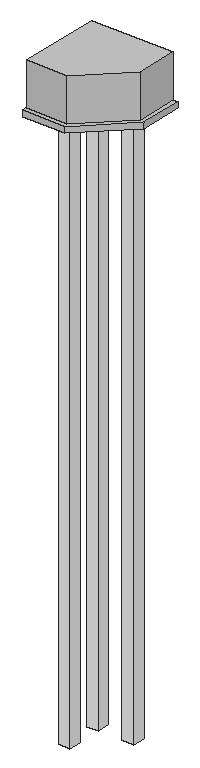
Revit family "BS_FM_Đài Móng - 3 cọc LT Loại 2", category Structural Foundations, Revit 2019
Family settings
  Material for Model Behavior = Concrete
  Cap = No
  OmniClass Number = 23.25.05.11
  OmniClass Title = Foundation Piles
  Work Plane-Based = No
  Always vertical = Yes
  Cut with Voids When Loaded = No
  Shared = No
Parameters (values of type "1000 x 1000 x 900mm")
  h_BaoVe [instance] = 120 mm
  a5_BaoVe [instance] = 100 mm
  a4_BaoVe [instance] = 100 mm
  a3_BaoVe [instance] = 100 mm
  a2_BaoVe [instance] = 0 mm
  a1_BaoVe [instance] = 0 mm
  Y = 600 mm
  X = 600 mm
  Width = X + KhoangCach2TimCoc + Diameter / 2 + KhoangCachMepCoc  # 1725 mm
  Structural Material [instance] = Concrete, Cast-in-Place gray
  Length = Y + KhoangCach2TimCoc + Diameter / 2 + KhoangCachMepCoc  # 1725 mm
  KhoangCachMepCoc = 250 mm
  KhoangCach2TimCoc = HeSoCoc * Diameter  # 750 mm
  HeSoCoc = 3
  Foundation Thickness = 900 mm
  Diameter = 250 mm
  Depth = 12000 mm
  Cut-off = 100 mm  # constant formula
  BS_Cọc Vuông = yes
  BS_Cọc Tròn = no
  BS_BeTongMong = @BS-BeTongCotThep
  BS_BeTongLot = @BS-BeTong
  BS_BeTongCoc = Steel, 45-345
  Assembly Code = "A1010130"
  A = 250 mm
Reference planes
  plane 1: z = 0
  plane 2 "Center (Left/Right)": x = 50
  plane 3: x = -550
  plane 4: x = 1175
  plane 5: y = 750
  plane 6: y = -975
  plane 7: z = -900
  plane 8: z = -800
  plane 9: z = -1020
  plane 10: y = 150
  plane 11: y = -600
  plane 12 "2": x = 800
  plane 13: x = 300
  plane 14: y = -100
Forms (mm)
  Extrusion 1, solid, material "@BS-BeTongCotThep" <- "BS_BeTongMong"
    sketch origin (0, 0, 0) x (1, 0, 0) y (0, 1, 0)
      loop
        line (-550, 750) -> (-550, -975) -> (300, -975) -> (1175, -100) -> (1175, 750) -> (-550, 750)
    from -900 to 0
  Extrusion 2, solid, material "@BS-BeTong" <- "BS_BeTongLot"
    sketch origin (0, 0, 0) x (1, 0, 0) y (0, 1, 0)
      loop
        line (-550, 750) -> (-550, -1075) -> (341.421, -1075) -> (1275, -141.421) -> (1275, 750) -> (-550, 750)
    from -1020 to -900
Lines and regions (mm)
  reference lines
    curve 1: line (300, -975, 0) -> (1175, -100, 0)
Dimensions and locks
  "Width": plane 3 to plane 4
  "Foundation Thickness": plane 1 to plane 7
  "Cut-off": plane 8 to plane 7
  "a3_BaoVe": plane 6 to Extrusion 2 sketch curve
  "a2_BaoVe": Extrusion 2 sketch curve to plane 5
  "a1_BaoVe": Extrusion 2 sketch curve to plane 3
  "a4_BaoVe": Extrusion 1 to Extrusion 2 sketch curve
  "h_BaoVe": plane 9 to plane 7
  "KhoangCach2TimCoc": plane 10 to plane 11
  "Length": plane 5 to plane 6
  "X": plane 3 to plane 2 "Center (Left/Right)"
  "Y": plane 5 to plane 10
  plane 11 to plane 6 = 375 mm
  "KhoangCach2TimCoc": plane 2 "Center (Left/Right)" to plane 12 "2"
  "A": plane 14 to plane 10
  "A": plane 2 "Center (Left/Right)" to plane 13
  "a5_BaoVe": Extrusion 2 sketch curve to curve 1
  aligned and locked: plane 3 to Extrusion 1 sketch curve
  aligned and locked: Extrusion 1 sketch curve to plane 4
  aligned and locked: Extrusion 1 sketch curve to plane 5
  aligned and locked: plane 6 to Extrusion 1 sketch curve
  aligned and locked: level to Extrusion 1
  aligned and locked: Extrusion 1 to plane 7
  aligned and locked: Extrusion 2 to Extrusion 1
  aligned and locked: Extrusion 2 to plane 9
  aligned and locked: nested 1 to plane 10
  aligned and locked: plane 2 "Center (Left/Right)" to nested 1
  aligned and locked: nested 2 to plane 11
  aligned and locked: plane 2 "Center (Left/Right)" to nested 2
  aligned and locked: nested 4 to plane 11
  aligned and locked: nested 3 to plane 10
  aligned and locked: plane 2 "Center (Left/Right)" to nested 3
  aligned and locked: plane 2 "Center (Left/Right)" to nested 4
  aligned and locked: plane 7 to nested 3
  aligned and locked: plane 7 to nested 1
  aligned and locked: plane 7 to nested 4
  aligned and locked: plane 7 to nested 2
  aligned and locked: nested 6 to plane 10
  aligned and locked: plane 12 "2" to nested 6
  aligned and locked: plane 12 "2" to nested 5
  aligned and locked: nested 5 to plane 10
  aligned and locked: plane 7 to nested 6
  aligned and locked: plane 7 to nested 5
Automatic sketch dimensions
  curve 1 to plane 6 = 0 mm
  curve 1 to plane 13 = 0 mm
  curve 1 to plane 4 = 0 mm
  plane 14 to curve 1 = 0 mm
  Extrusion 1 sketch curve to plane 13 = 0 mm
  plane 14 to Extrusion 1 sketch curve = 0 mm
Nested families
  nested 1: "BS_FM_Pile-Cọc Tròn" at (50, 150, -900), Minimum Embedment <- "Cut-off", Diameter <- "Diameter", Depth <- "Depth", Structural Material <- "BS_BeTongCoc", visible <- "BS_Cọc Tròn", type "300mm Diameter"
    with Structural Material Steel, 45-345, Radius 125 mm, Minimum Embedment 100 mm, Diameter 250 mm, Depth 12000 mm
  nested 2: "BS_FM_Pile-Cọc Tròn" at (50, -600, -900), Minimum Embedment <- "Cut-off", Diameter <- "Diameter", Depth <- "Depth", Structural Material <- "BS_BeTongCoc", visible <- "BS_Cọc Tròn", type "300mm Diameter"
    with Structural Material Steel, 45-345, Radius 125 mm, Minimum Embedment 100 mm, Diameter 250 mm, Depth 12000 mm
  nested 3: "BS_FM_Pile-Cọc Vuông" at (50, 150, -900), Minimum Embedment <- "Cut-off", Diameter <- "Diameter", Depth <- "Depth", Structural Material <- "BS_BeTongCoc", visible <- "BS_Cọc Vuông", type "250mm Diameter"
    with Structural Material Steel, 45-345, Radius 125 mm, Minimum Embedment 100 mm, Diameter 250 mm, Depth 12000 mm
  nested 4: "BS_FM_Pile-Cọc Vuông" at (50, -600, -900), Minimum Embedment <- "Cut-off", Diameter <- "Diameter", Depth <- "Depth", Structural Material <- "BS_BeTongCoc", visible <- "BS_Cọc Vuông", type "250mm Diameter"
    with Structural Material Steel, 45-345, Radius 125 mm, Minimum Embedment 100 mm, Diameter 250 mm, Depth 12000 mm
  nested 5: "BS_FM_Pile-Cọc Vuông" at (800, 150, -900), Diameter <- "Diameter", Depth <- "Depth", Minimum Embedment <- "Cut-off", visible <- "BS_Cọc Vuông", Structural Material <- "BS_BeTongCoc", type "250mm Diameter"
    with Structural Material Steel, 45-345, Radius 125 mm, Minimum Embedment 100 mm, Diameter 250 mm, Depth 12000 mm
  nested 6: "BS_FM_Pile-Cọc Tròn" at (800, 150, -900), Diameter <- "Diameter", Depth <- "Depth", Minimum Embedment <- "Cut-off", visible <- "BS_Cọc Tròn", Structural Material <- "BS_BeTongCoc", type "300mm Diameter"
    with Structural Material Steel, 45-345, Radius 125 mm, Minimum Embedment 100 mm, Diameter 250 mm, Depth 12000 mm
Definition of nested family "BS_FM_Pile-Cọc Tròn"
  Parameters (values of type "600mm Diameter")
    Structural Material [instance] = none
    Radius [instance] = Diameter / 2  # 300 mm
    Minimum Embedment [instance] = 152 mm
    Diameter [instance] = 600 mm
    Depth [instance] = 6000 mm
    Assembly Code = "A1020130"
  Types (4): name
    600mm Diameter
    300mm Diameter
    400mm Diameter
    500mm Diameter
  Reference planes
    plane 1 "Center (Front/Back)": y = 0
    plane 2: z = 0
    plane 3 "Center (Left/Right)": x = 0
    plane 4: z = -6000
    plane 5: z = 152
  Forms (mm)
    Extrusion 1, solid, material <- "Structural Material"
      sketch origin (0, 0, 0) x (1, 0, 0) y (0, 1, 0)
        loop
          circle (0, 0) r 300
      from -6000 to 152
  Dimensions and locks
    "Depth": plane 2 to plane 4
    "Minimum Embedment": plane 5 to plane 2
    "Radius": radius of Extrusion 1 sketch curve
    aligned and locked: Extrusion 1 to plane 4
    aligned and locked: Extrusion 1 to plane 5
    aligned and locked: plane 1 "Center (Front/Back)" to nested 1
    aligned and locked: plane 3 "Center (Left/Right)" to nested 1
  Automatic sketch dimensions
    plane 1 "Center (Front/Back)" to Extrusion 1 sketch curve = 0 mm
    Extrusion 1 sketch curve to plane 3 "Center (Left/Right)" = 0 mm
  Nested families
    nested 1: "BS_LINE_TimCoc" at (0, 0, 0), type "BS_LINE_TimCoc"
      with LINE 700 mm, DK 600 mm
  Definition of nested family "BS_LINE_TimCoc"
    Parameters (values of type "BS_LINE_TimCoc")
      LINE = DK + 100 mm  # 780 mm
      DK = 680 mm
    Reference planes
      plane 1 "Center (Front/Back)": y = 0
      plane 2: z = 0
      plane 3 "Center (Left/Right)": x = 0
    Lines and regions (mm)
      detail lines, in view "Ref. Level", not visible
        curve 1: circle (0, 0, 0) r 340 normal (0, 0, 1)
      detail lines, in view "Ref. Level"
        curve 2: line (-390, 0, 0) -> (390, 0, 0)
        curve 3: line (0, 390, 0) -> (0, -390, 0)
    Dimensions and locks
      equal spacing: curve 2, plane 3 "Center (Left/Right)", curve 2
      equal spacing: curve 3, plane 1 "Center (Front/Back)", curve 3
      "LINE": curve 3 to curve 3
      "LINE": curve 2 to curve 2
      "DK": diameter of curve 1
    Automatic sketch dimensions
      curve 3 to plane 3 "Center (Left/Right)" = 0 mm
      plane 1 "Center (Front/Back)" to curve 1 = 0 mm
      curve 1 to plane 3 "Center (Left/Right)" = 0 mm
      plane 1 "Center (Front/Back)" to curve 2 = 0 mm
Definition of nested family "BS_FM_Pile-Cọc Vuông"
  Parameters (values of type "600mm Diameter")
    Structural Material [instance] = none
    Radius [instance] = Diameter / 2  # 125 mm
    Minimum Embedment [instance] = 150 mm
    Diameter [instance] = 250 mm
    Depth [instance] = 6000 mm
    Assembly Code = "A1020130"
  Types (6, lengths in mm): name | Radius | Diameter
    600mm Diameter | 125 | 250
    200mm Diameter | 300 | 600
    250mm Diameter | 300 | 600
    300mm Diameter | 300 | 600
    400mm Diameter | 300 | 600
    500mm Diameter | 300 | 600
  Reference planes
    plane 1 "Center (Front/Back)": y = 0
    plane 2: z = 0
    plane 3 "Center (Left/Right)": x = 0
    plane 4: z = -6000
    plane 5: z = 150
  Forms (mm)
    Extrusion 1, solid, material <- "Structural Material"
      sketch origin (0, 0, 0) x (1, 0, 0) y (0, 1, 0)
        loop
          line (-125, -125) -> (125, -125) -> (125, 125) -> (-125, 125) -> (-125, -125)
      from -6000 to 150
  Dimensions and locks
    "Depth": plane 2 to plane 4
    "Minimum Embedment": plane 5 to plane 2
    equal spacing: Extrusion 1 sketch curve, plane 3 "Center (Left/Right)", Extrusion 1 sketch curve
    "Diameter": Extrusion 1 sketch curve to Extrusion 1 sketch curve  (x2)
    equal spacing: Extrusion 1 sketch curve, plane 1 "Center (Front/Back)", Extrusion 1 sketch curve
    aligned and locked: Extrusion 1 to plane 4
    aligned and locked: Extrusion 1 to plane 5
    aligned and locked: plane 3 "Center (Left/Right)" to nested 1
    aligned and locked: plane 1 "Center (Front/Back)" to nested 1  (x2)
    aligned and locked: nested 1 to plane 3 "Center (Left/Right)"
  Nested families
    nested 1: "BS_Line_TimCoc" at (0, 0, 0), type "BS_Line_TimCoc"
      with LINE 350 mm, DK 250 mm
  Definition of nested family "BS_Line_TimCoc"
    Parameters (values of type "BS_Line_TimCoc")
      LINE = DK + 100 mm  # 780 mm
      DK = 680 mm
    Reference planes
      plane 1 "Center (Front/Back)": y = 0
      plane 2: z = 0
      plane 3 "Center (Left/Right)": x = 0
    Lines and regions (mm)
      detail lines, in view "Ref. Level", not visible
        curve 1: circle (0, 0, 0) r 340 normal (0, 0, 1)
      detail lines, in view "Ref. Level"
        curve 2: line (-390, 0, 0) -> (390, 0, 0)
        curve 3: line (0, 390, 0) -> (0, -390, 0)
    Dimensions and locks
      equal spacing: curve 2, plane 3 "Center (Left/Right)", curve 2
      equal spacing: curve 3, plane 1 "Center (Front/Back)", curve 3
      "LINE": curve 3 to curve 3
      "LINE": curve 2 to curve 2
      "DK": diameter of curve 1
    Automatic sketch dimensions
      curve 3 to plane 3 "Center (Left/Right)" = 0 mm
      plane 1 "Center (Front/Back)" to curve 1 = 0 mm
      curve 1 to plane 3 "Center (Left/Right)" = 0 mm
      plane 1 "Center (Front/Back)" to curve 2 = 0 mm
